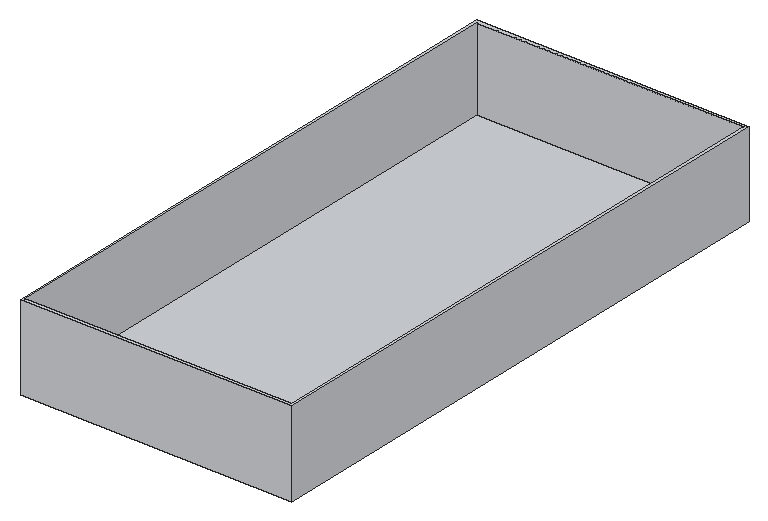
Revit family "Hager-Volta-IP30-Surface_mounted-vuoto-CH-it", category Electrical Equipment, host Face, Revit 2020
Family settings
  Host = Face
  Panel Configuration = Two Columns, Circuits Across
  Round Connector Dimension = Use Diameter
  Part Type = Panelboard
  Cut with Voids When Loaded = No
  Shared = No
  Room Calculation Point = No
Parameters (values of type "A parete IP30 L305 A640 P96.5 12 Unità di divisione - VA48MD")
  Width Control [instance] = if([HG000006 - Ad incasso], if([EF000846 - larghezza di montaggio] > min_whd, [EF000846 - larghezza di montaggio], min_whd), if([EF000008 - Larghezza] > min_whd, ([EF000008 - Larghezza]), min_whd))  # 305 mm
  Void Depth [instance] = if([HG000006 - Ad incasso], Depth Control, 1 mm)  # 1 mm
  Type Comments = [HG000003 - Gamma]  # "Volta"
  System Height [instance] = Height Control - 2 * [HG000005 - Spessore]  # 634 mm
  Model = [HG000004 - Codice produttore]  # "VA48MD"
  HG000017 - Distanza tra i poli = 18 mm
  HG000016 - Visibilità delle porte nella vista 3D [instance] = yes
  HG000015 - Visibilità attraverso la porta [instance] = no
  HG000014 - Porta destra [instance] = yes
  HG000013 - Porta sinistra [instance] = not([HG000014 - Porta destra])  # no
  HG000012 - Angolo di apertura della porta [instance] = 45.00°
  HG000011 - File vuote nella parte basse = no
  HG000010 - Porte asimmetriche = no
  HG000009 - Porta doppia a battente = no
  HG000008 - Numero di file vuote = 0
  HG000007 - Numero di colonne vuote = 0
  HG000006 - Ad incasso = no
  HG000005 - Spessore = 3 mm  # constant formula
  HG000004 - Codice produttore = "VA48MD"
  HG000003 - Gamma = "Volta"
  HG000002 - Con porta = no
  HG000001 - Numero di colonne = 0
  EF015941 - Segnale di passaggio porta = no
  EF015777 - Morsettiera neutra = no
  EF015776 - Morsettiera di terra = no
  EF009212 - esecuzione coperchio = "EV009916 - con taglio"
  EF006306 - con serratura = no
  EF006244 - coperchio/porta trasparente = no
  EF005474 - grado di protezione (IP) = "EV006410 - IP30"
  EF004462 - tipo di chiusura = ""
  EF002950 - Numero moduli DIN = 12
  EF001596 - Attacco Lampada = ""
  EF001134 - barra DIN = no
  EF001131 - profondità interna = 0 mm
  EF001088 - possibilità di applicazione = yes
  EF001062 - esecuzione EMC = no
  EF000846 - larghezza di montaggio = 0 mm
  EF000339 - tipo di copertura = "EV000494 - senza"
  EF000332 - Altezza della parte incassata = 0 mm
  EF000266 - numero di file = 0
  EF000218 - profondità di incasso = 0 mm
  EF000118 - con piastra di montaggio = yes
  EF000116 - numero RAL = "9010"
  EF000049 - profondità = 96 mm
  EF000040 - Altezza = 640 mm
  EF000008 - Larghezza = 305 mm
  EF000007 - colore = ""
  EF000003 - Tipo di montaggio = "EV000384 - A parete"
  Arrow Offset [instance] = Depth Control / 8  # 12 mm
  Arrow Height [instance] = Depth Control - Arrow Offset  # 84 mm
  Host Offset [instance] = if([HG000006 - Ad incasso], 0 mm, [EF000049 - profondità])  # 96 mm
  min_whd [instance] = (2 * [HG000005 - Spessore]) + 1 mm  # 7 mm
  Manufacturer = "Hager"  # constant formula
  Height Control [instance] = if([HG000006 - Ad incasso], if([EF000332 - Altezza della parte incassata] > min_whd, [EF000332 - Altezza della parte incassata], min_whd), if([EF000040 - Altezza] > min_whd, ([EF000040 - Altezza]), min_whd))  # 640 mm
  Flush Mounted - Door Frame Width [instance] = if(([EF000040 - Altezza] - [EF000332 - Altezza della parte incassata]) > 0 mm, if([HG000006 - Ad incasso], [EF000040 - Altezza] - [EF000332 - Altezza della parte incassata], 0 mm), 0 mm)  # 0 mm
  Depth Control [instance] = if([HG000006 - Ad incasso], if([EF000218 - profondità di incasso] > 0 mm, [EF000218 - profondità di incasso], 1 mm), if([EF000049 - profondità] > 0 mm, ([EF000049 - profondità]), 1 mm))  # 96 mm
  Default Elevation = 0 mm
Reference planes
  plane 1 "Center (Front/Back)": y = 0
  plane 2: z = 0
  plane 3 "Center (Left/Right)": x = 0
  plane 4: z = 96
  plane 5: y = 3
  plane 6: z = 91
  plane 7: y = 320
  plane 8: y = 0
  plane 9: y = 640
  plane 10: z = 0
  plane 11: x = -152.5
  plane 12: x = 152.5
  plane 13: x = 149.5
  plane 14: x = -149.5
  plane 15: y = 637
  plane 16: z = 3
  plane 17: z = 93
  plane 18: z = -1
  plane 19: z = 93
Forms (mm)
  Extrusion 1, solid
    sketch origin (-583.045, 0, 1219.2) x (-1, 0, 0) y (0, 0, 1)
      loop
        line (-430.545, -1123.2) -> (-735.545, -1123.2) -> (-735.545, -1219.2) -> (-430.545, -1219.2) -> (-430.545, -1123.2)
    from 0 to 640 <- "Height Control"
  Extrusion 2, void
    sketch origin (-381.607, -4572, 96) x (0, -1, 0) y (-1, 0, 0)
      loop
        line (-5209, -232.107) -> (-5209, -531.107) -> (-4575, -531.107) -> (-4575, -232.107) -> (-5209, -232.107)
    from 0 to 93
  Extrusion 3, void
    sketch origin (0, 0, 0) x (1, 0, 0) y (0, 1, 0)
      loop
        line (-152.5, 0) -> (152.5, 0) -> (152.5, 640) -> (-152.5, 640) -> (-152.5, 0)
    from -1 to 1
  Extrusion 4, solid, detail levels coarse+medium
    sketch origin (-381.607, -4572, 96) x (-1, 0, 0) y (0, -1, 0)
      loop
        line (-232.107, -5209) -> (-232.107, -4575) -> (-531.107, -4575) -> (-531.107, -5209) -> (-232.107, -5209)
    from 0 to -3
Cuts and joins
  Extrusion 2 cuts Extrusion 1
Dimensions and locks
  plane 4 to plane 6 = 5 mm
  "Host Offset": plane 4 to host face
  "Flush Mounted - Door Frame Width": plane 1 "Center (Front/Back)" to plane 8
  "HG000005 - Spessore": plane 5 to plane 8
  locked: connector elem to plane 3 "Center (Left/Right)"
  "Height Control": plane 9 to plane 8
  equal spacing: plane 9, plane 7, plane 8
  locked: connector elem to plane 7
  "Depth Control": plane 4 to plane 10
  "HG000005 - Spessore": plane 11 to plane 14
  "HG000005 - Spessore": plane 12 to plane 13
  equal spacing: plane 11, plane 3 "Center (Left/Right)", plane 12
  "Width Control": plane 11 to plane 12
  "Arrow Offset": nested 4 to plane 10
  "HG000005 - Spessore": plane 9 to plane 15
  "HG000005 - Spessore": plane 16 to plane 10
  "HG000005 - Spessore": plane 4 to plane 17
  "Void Depth": plane 2 to plane 18
  "HG000005 - Spessore": plane 4 to plane 19
  aligned and locked: plane 2 to host face
  aligned and locked: level to host face
  aligned and locked: plane 3 "Center (Left/Right)" to nested 2
  aligned and locked: plane 4 to nested 2
  aligned and locked: nested 2 to plane 8
  aligned and locked: nested 1 to plane 6
  aligned and locked: plane 5 to nested 1
  aligned and locked: nested 4 to plane 11
  aligned and locked: nested 3 to plane 4
  aligned and locked: Extrusion 1 sketch curve to plane 12
  aligned and locked: Extrusion 1 sketch curve to plane 11
  aligned and locked: nested 3 to plane 10
  aligned and locked: plane 10 to Extrusion 1 sketch curve
  aligned and locked: plane 5 to Extrusion 2 sketch curve
  aligned and locked: Extrusion 2 sketch curve to plane 15
  aligned and locked: Extrusion 2 sketch curve to plane 14
  aligned and locked: Extrusion 2 sketch curve to plane 13
  aligned and locked: plane 11 to Extrusion 3 sketch curve
  aligned and locked: plane 9 to Extrusion 3 sketch curve
  aligned and locked: Extrusion 3 sketch curve to plane 8
  aligned and locked: plane 12 to Extrusion 3 sketch curve
  aligned and locked: nested 3 to plane 12
  aligned and locked: Extrusion 3 to plane 18
  aligned and locked: Extrusion 2 to plane 16
  aligned and locked: Extrusion 1 sketch curve to plane 4
  aligned and locked: Extrusion 4 to plane 17
  aligned and locked: Extrusion 4 sketch curve to plane 15
  aligned and locked: Extrusion 4 sketch curve to plane 13
  aligned and locked: Extrusion 4 sketch curve to plane 14
  aligned and locked: plane 5 to Extrusion 4 sketch curve
Automatic sketch dimensions
  host sketch curve to host sketch curve = 1469.727 mm
  host sketch curve to host sketch curve = 1434.803 mm
Nested families
  nested 1: "Hager_Enclosure_System" at (0, 3, 91) x (1, 0, 0) z (0, 1, 0), Depth <- "HG000005 - Spessore", Height <- "System Height", Width <- "EF000008 - Larghezza", Border <- "HG000005 - Spessore", Flush_Mounted <- "HG000006 - Ad incasso", Built-in_Width <- "EF000846 - larghezza di montaggio", Row_Module_Multiplicator <- "EF002950 - Numero moduli DIN", Total_No_Empty_Rows <- "HG000008 - Numero di file vuote", Total_No_Rows <- "EF000266 - numero di file", Empty_Columns <- "HG000007 - Numero di colonne vuote", Width_Control <- "Width Control", Empty_Rows_From_Bottom <- "HG000011 - File vuote nella parte basse", Distance_Between_Poles <- "HG000017 - Distanza tra i poli", Rows_Count <- "EF000266 - numero di file", Columns_Count <- "HG000001 - Numero di colonne", type "Hager_Enclosure_System", detail levels fine
    with Width_Control 305 mm, Width 305 mm, Total_No_Rows 0, Total_No_Empty_Rows 0, Total_No_Columns 1, System_Width 299 mm, Rows_Count 0, Rows_Column 0, Row_Module_Multiplicator 12, Panel_4 no, Panel_3 no, Panel_2 no, Panel_1 no, No_Panels_Ctrl 1, Hide_Columns yes, Height 634 mm, Flush_Mounted no, Empty_Rows_From_Bottom no, Empty_Rows_Column 0, Empty_Columns 0, Distance_Between_Poles 18 mm, Depth 3 mm, Columns_Count 0, Column_Width 299 mm, Built-in_Width 0 mm, Border 3 mm
  nested 2: "Hager_Enclosure_Door" at (0, 0, 96) x (1, 0, 0) z (0, 1, 0), Border <- "HG000005 - Spessore", Door_Right <- "HG000014 - Porta destra", Flush_Mounted <- "HG000006 - Ad incasso", Depth <- "EF000049 - profondità", Width <- "EF000008 - Larghezza", Door_Left <- "HG000013 - Porta sinistra", 3d_Door <- "HG000016 - Visibilità delle porte nella vista 3D", BuiltIn_Width <- "EF000846 - larghezza di montaggio", BuiltIn_Height <- "EF000332 - Altezza della parte incassata", BuiltIn_Depth <- "EF000218 - profondità di incasso", Angle <- "HG000012 - Angolo di apertura della porta", Assymetrical <- "HG000010 - Porte asimmetriche", Double <- "HG000009 - Porta doppia a battente", Clearance <- "HG000015 - Visibilità attraverso la porta", Transparent <- "EF006244 - coperchio/porta trasparente", Door <- "HG000002 - Con porta", Height_Ctrl <- "Height Control", Width_Ctrl <- "Width Control", Height <- "EF000040 - Altezza", type "Hager_Enclosure_Door", detail levels medium+fine
    with min_wh 7 mm, Width_Ctrl 305 mm, Width 305 mm, Transparent_Door_No_Bottom_Border no, Transparent no, Leaf_Width 296 mm, Leaf_Tolerance 1.5 mm, Leaf_Height 631 mm, Leaf_2_Width 296 mm, Leaf_2_Offset 148 mm, Leaf_1_Width 296 mm, Leaf_1_Offset 148 mm, Height_Ctrl 640 mm, Height 640 mm, Frame_Width_Ctrl 305 mm, Frame_Width 305 mm, Frame_Internal_Offset 0 mm, Frame_Height_Ctrl 640 mm, Frame_Height 640 mm, Frame_Depth_Ctrl 1 mm, Frame_Depth 0 mm, Flush_Mounted no, Double_Clearance_Ctrl no, Double no, Door_Right_Ctrl no, Door_Right yes, Door_Left_Ctrl no, Door_Left no, Door no, Depth 96 mm, Clearance_Depth 296 mm, Clearance_Ctrl no, Clearance no, BuiltIn_Width 0 mm, BuiltIn_Height 0 mm, BuiltIn_Depth 0 mm, Border 3 mm, Assymetrical no, Angle 45.00°, 3d_Door yes
  nested 3: "Hager_Enclosure_Symbol_Triangle" at (-152.5, 0, 0) x (1, 0, 0) z (0, -1, 0), Depth <- "Depth Control", Width <- "Width Control", type "Hager_Enclosure_Symbol_Triangle"
    with Width_Ctrl 305 mm, Width 305 mm, Depth_Ctrl 96 mm, Depth 96 mm
  nested 4: "Hager_Enclosure_Symbol_Arrow" at (-152.5, 0, 12) x (1, 0, 0) z (0, -1, 0), Height <- "Arrow Height", type "Hager_Enclosure_Symbol_Arrow"
    with Width_Inside 6.3 mm, Width 75.6 mm, Height_Ctrl 84 mm, Height 84 mm
Connectors
  electrical at (0, 320, 0)
    settings: on plane 10, index 1, voltage 0 V, apparent load 0 VA, apparent load phase1 0 VA, apparent load phase2 0 VA, apparent load phase3 0 VA, power factor 1, load classification "Other", number of poles 1, system type 30, power factor state 1, is connector primary yes, connector utility no, sub classification motor no, connector description ""
Definition of nested family "Hager_Enclosure_Door"
  Parameters (values of type "Hager_Enclosure_Door")
    min_wh [instance] = (2 * Border) + 1 mm  # 11 mm
    Width_Ctrl [instance] = 400 mm
    Width [instance] = 500 mm
    Transparent_Door_No_Bottom_Border [instance] = no
    Transparent [instance] = yes
    Leaf_Width [instance] = if((Width_Ctrl - 2 * Border - 2 * Leaf_Tolerance) > 0 mm, (Width_Ctrl - 2 * Border - 2 * Leaf_Tolerance), min_wh)  # 387 mm
    Leaf_Tolerance [instance] = 1.5 mm  # constant formula
    Leaf_Height [instance] = if((Height_Ctrl - 2 * Border - 2 * Leaf_Tolerance) > 0 mm, (Height_Ctrl - 2 * Border - 2 * Leaf_Tolerance), min_wh)  # 387 mm
    Leaf_2_Width [instance] = if(and(and(Double, Assymetrical), Door_Left), (Leaf_Width / 3) - (Leaf_Tolerance / 2), if(and(and(Double, Assymetrical), Door_Right), (Leaf_Width / 3) * 2 - (Leaf_Tolerance / 2), if(and(Double, not(Assymetrical)), (Leaf_Width / 2) - Leaf_Tolerance, Leaf_Width)))  # 387 mm
    Leaf_2_Offset [instance] = if(and(Double, Assymetrical), Leaf_2_Width / 2, if(and(Double, not(Assymetrical)), Leaf_Width / 4, Leaf_Width / 2))  # 193.5 mm
    Leaf_1_Width [instance] = if(and(and(Double, Assymetrical), Door_Right), (Leaf_Width / 3) - (Leaf_Tolerance / 2), if(and(and(Double, Assymetrical), Door_Left), (Width / 3) * 2 - (Leaf_Tolerance / 2), if(and(Double, not(Assymetrical)), (Leaf_Width / 2) - Leaf_Tolerance, Leaf_Width)))  # 387 mm
    Leaf_1_Offset [instance] = if(and(Double, Assymetrical), Leaf_1_Width / 2, if(and(Double, not(Assymetrical)), Leaf_Width / 4, Leaf_Width / 2))  # 193.5 mm
    Height_Ctrl [instance] = 400 mm
    Height [instance] = 500 mm
    Frame_Width_Ctrl [instance] = if(Frame_Width > 0 mm, Frame_Width, 1 mm)  # 1 mm
    Frame_Width [instance] = Width - BuiltIn_Width  # 0 mm
    Frame_Internal_Offset [instance] = if(Flush_Mounted, Border, 0 mm)  # 5 mm
    Frame_Height_Ctrl [instance] = if(Frame_Height > 0 mm, Frame_Height, 1 mm)  # 1 mm
    Frame_Height [instance] = Height - BuiltIn_Height  # 0 mm
    Frame_Depth_Ctrl [instance] = if(Frame_Depth > 0 mm, Frame_Depth, 1 mm)  # 1 mm
    Frame_Depth [instance] = if(Depth - BuiltIn_Depth > 0 mm, if(Flush_Mounted, Depth - BuiltIn_Depth, 0 mm), 0 mm)  # 0 mm
    Flush_Mounted [instance] = yes
    Double_Clearance_Ctrl [instance] = and(Double, Clearance)  # no
    Double [instance] = no
    Door_Right_Ctrl [instance] = and(or(Door_Right, Double), Door)  # yes
    Door_Right [instance] = yes
    Door_Left_Ctrl [instance] = and(or(Door_Left, Double), Door)  # no
    Door_Left [instance] = no
    Door [instance] = yes
    Depth [instance] = 500 mm
    Default Elevation = 1219.2 mm
    Clearance_Material = none
    Clearance_Depth [instance] = if(Leaf_1_Width > Leaf_2_Width, Leaf_1_Width, Leaf_2_Width)  # 387 mm
    Clearance_Ctrl [instance] = and(not(Double), Clearance)  # yes
    Clearance [instance] = yes
    BuiltIn_Width [instance] = 500 mm
    BuiltIn_Height [instance] = 500 mm
    BuiltIn_Depth [instance] = 500 mm
    Border [instance] = 5 mm
    Assymetrical [instance] = yes
    Angle [instance] = 30.00°
    3d_Door [instance] = yes
  Reference planes
    plane 1 "Center (Front/Back)": y = 0
    plane 2 "Bottom": z = 0
    plane 3 "Center (Left/Right)": x = 0
    plane 4: z = 400
    plane 5: x = -200
    plane 6: x = 200
    plane 7: z = 395
    plane 8: x = -195
    plane 9: z = 5
    plane 10: x = 195
    plane 11: y = 0
    plane 12: z = 6.5
    plane 13: x = -582
    plane 14: y = -387
    plane 15: x = 582
    plane 16: x = 0
    plane 17: x = 0
    plane 18: x = -193.5
    plane 19: x = 193.5
    plane 20: z = 393.5
  Forms (mm)
    Extrusion 1, solid, visible <- "Flush_Mounted"
      sketch origin (0, 0, 0) x (1, 0, 0) y (0, 0, 1)
        loop
          line (195, 5) -> (195, 395) -> (-195, 395) -> (-195, 5) -> (195, 5)
        loop
          line (-201, 401) -> (-201, -1) -> (201, -1) -> (201, 401) -> (-201, 401)
      from 0 to 1 <- "Frame_Depth_Ctrl"
    Extrusion 2, solid, material <- "Clearance_Material", visible <- "Double_Clearance_Ctrl"
      sketch origin (1200, 0, 0) x (1, 0, 0) y (0, 0, -1)
        loop
          line (-1782, -393.5) -> (-618, -393.5) -> (-618, 0) -> (-1782, 0) -> (-1782, -393.5)
      from 0 to -387
  Dimensions and locks
    equal spacing: plane 5, plane 3 "Center (Left/Right)", plane 6
    "Width_Ctrl": plane 5 to plane 6
    "Border": plane 5 to plane 8
    "Border": plane 6 to plane 10
    "Border": plane 9 to level
    "Border": plane 4 to plane 7
    "Height_Ctrl": plane 4 to level
    "Leaf_Tolerance": plane 12 to plane 9
    "Frame_Depth": plane 11 to plane 1 "Center (Front/Back)"
    "Frame_Width_Ctrl": plane 5 to Extrusion 1 sketch curve
    "Frame_Width_Ctrl": plane 6 to Extrusion 1 sketch curve
    "Frame_Width_Ctrl": Extrusion 1 sketch curve to plane 4
    "Frame_Width_Ctrl": plane 2 "Bottom" to Extrusion 1 sketch curve
    "Leaf_1_Offset": plane 18 to plane 16
    "Leaf_2_Offset": plane 17 to plane 19
    "Leaf_1_Width": plane 13 to plane 8
    "Leaf_2_Width": plane 10 to plane 15
    "Clearance_Depth": plane 14 to plane 1 "Center (Front/Back)"
    "Leaf_Tolerance": plane 8 to plane 18
    "Leaf_Tolerance": plane 19 to plane 10
    "Leaf_Tolerance": plane 7 to plane 20
    "Frame_Internal_Offset": plane 5 to Extrusion 1 sketch curve
    "Frame_Internal_Offset": Extrusion 1 sketch curve to plane 2 "Bottom"
    "Frame_Internal_Offset": plane 6 to Extrusion 1 sketch curve
    "Frame_Internal_Offset": plane 4 to Extrusion 1 sketch curve
    aligned and locked: level to plane 2 "Bottom"
    aligned and locked: nested 1 to plane 16
    aligned and locked: nested 2 to plane 17
    aligned and locked: Extrusion 2 to plane 13
    aligned and locked: plane 15 to Extrusion 2
    aligned and locked: Extrusion 2 to plane 14
    aligned and locked: plane 12 to nested 1
    aligned and locked: nested 2 to plane 12
    aligned and locked: Extrusion 2 to plane 11
    aligned and locked: plane 20 to Extrusion 2
    aligned and locked: nested 2 to plane 11
    aligned and locked: nested 1 to plane 11
  Automatic sketch dimensions
    Extrusion 2 sketch curve to level = 0 mm
    plane 5 to Extrusion 2 sketch curve = 382 mm
    plane 6 to Extrusion 2 sketch curve = 382 mm
    Extrusion 2 sketch curve to plane 4 = 6.5 mm
  Nested families
    nested 1: "Hager_Enclosure_Door_Leaf" at (0, 0, 6.5), Width <- "Leaf_1_Width", visible <- "Door_Left_Ctrl", Leaf_Height <- "Leaf_Height", Angle <- "Angle", Depth <- "Border", 3d_Door <- "3d_Door", Transparent <- "Transparent", Clearance Material <- "Clearance_Material", Clearance <- "Clearance_Ctrl", Transparent_Door_No_Bottom_Border <- "Transparent_Door_No_Bottom_Border", type "Hager_Enclosure_Door_Leaf"
      with Width 387 mm, Transparent_Door_No_Bottom_Border no, Transparent_Door_Border_Bottom_Top 25 mm, Transparent_Door_Border 25 mm, Transparent_Ctrl yes, Transparent yes, Standard no, Leaf_Height 387 mm, Glass_Offset 1 mm, Depth 5 mm, Clearance Material none, Clearance yes, Angle_Ctrl 30.00°, Angle 30.00°, 3d_Door yes
    nested 2: "Hager_Enclosure_Door_Leaf" at (0, 0, 6.5) x (-1, 0, 0) z (0, 0, 1), Width <- "Leaf_2_Width", visible <- "Door_Right_Ctrl", Leaf_Height <- "Leaf_Height", Angle <- "Angle", Depth <- "Border", 3d_Door <- "3d_Door", Transparent <- "Transparent", Clearance Material <- "Clearance_Material", Clearance <- "Clearance_Ctrl", Transparent_Door_No_Bottom_Border <- "Transparent_Door_No_Bottom_Border", type "Hager_Enclosure_Door_Leaf"
      with Width 387 mm, Transparent_Door_No_Bottom_Border no, Transparent_Door_Border_Bottom_Top 25 mm, Transparent_Door_Border 25 mm, Transparent_Ctrl yes, Transparent yes, Standard no, Leaf_Height 387 mm, Glass_Offset 1 mm, Depth 5 mm, Clearance Material none, Clearance yes, Angle_Ctrl 30.00°, Angle 30.00°, 3d_Door yes
  Definition of nested family "Hager_Enclosure_Door_Leaf"
    Parameters (values of type "Hager_Enclosure_Door_Leaf")
      Width [instance] = 2000 mm
      Transparent_Door_No_Bottom_Border [instance] = yes
      Transparent_Door_Border_Bottom_Top [instance] = if(Transparent_Door_No_Bottom_Border, 0.1 mm, Transparent_Door_Border)  # 0.1 mm
      Transparent_Door_Border [instance] = if(Transparent_Door_No_Bottom_Border, (Width * 0.12), 25 mm)  # 240 mm
      Transparent_Ctrl [instance] = and(Transparent, [3d_Door])  # yes
      Transparent [instance] = yes
      Standard [instance] = and(not(Transparent), [3d_Door])  # no
      Leaf_Height [instance] = 2720.336 mm
      Glass_Offset [instance] = if((Depth - 10 mm) / 2 > 0 mm, (Depth - 10 mm) / 2, 1 mm)  # 15 mm
      Glass_Material = none
      Depth [instance] = 40 mm
      Default Elevation = 0 mm
      Clearance Material [instance] = none
      Clearance [instance] = yes
      Angle_Ctrl [instance] = if(Angle > 170.00°, 170.00°, Angle)  # 45.00°
      Angle [instance] = 45.00°
      3d_Door [instance] = yes
    Reference planes
      plane 1 "Center (Front/Back)": y = 0
      plane 2: z = 0
      plane 3 "Center (Left/Right)": x = 0
      plane 4: y = 2000
      plane 5: x = -1000
      plane 6: x = 1000
      plane 7: x = -3000
      plane 8: z = 2720.336
      plane 9: z = 0.1
      plane 10: z = 2720.236
      plane 11: x = 760
      plane 12: x = -760
    Forms (mm)
      Extrusion 1, solid, material <- "Clearance Material", visible <- "Clearance"
        sketch origin (0, 0, 0) x (1, 0, 0) y (0, 0, 1)
          loop
            line (-3000, 2720.336) -> (-3000, 0) -> (1000, 0) -> (1000, 2720.336) -> (-3000, 2720.336)
        from 0 to -2000
      Extrusion 2, solid, visible <- "Standard", detail levels medium+fine
        sketch origin (-1000, 0, 0) x (0.707107, 0.707107, 0) y (-0.707107, 0.707107, 0)
          loop
            line (0, -40) -> (2000, -40) -> (2000, 0) -> (0, 0) -> (0, -40)
        from 0 to 2720.336 <- "Leaf_Height"
      Extrusion 3, solid, visible <- "Transparent_Ctrl", detail levels medium+fine
        sketch origin (-1000, 0, 0) x (0.707107, 0.707107, 0) y (-0.707107, 0.707107, 0)
          loop
            line (0, -40) -> (2000, -40) -> (2000, 0) -> (0, 0) -> (0, -40)
        from 0 to 2720.336 <- "Leaf_Height"
      Extrusion 4, void, detail levels medium+fine
        sketch origin (-1000, 0, 0) x (-0.707107, 0.707107, 0) y (0.707107, 0.707107, 0)
          loop
            line (0, 240) -> (0, 1760) -> (-40, 1760) -> (-40, 240) -> (0, 240)
        from -2720.236 to -0.1
      Extrusion 5, solid, material <- "Glass_Material", visible <- "Transparent_Ctrl", detail levels medium+fine
        sketch origin (-1000, 0, 0) x (0.707107, 0.707107, 0) y (-0.707107, 0.707107, 0)
          loop
            line (240, -15) -> (240, -25) -> (1760, -25) -> (1760, -15) -> (240, -15)
        from 0.1 to 2720.236
    Cuts and joins
      Extrusion 4 cuts Extrusion 3
    Lines and regions (mm)
      symbolic lines
        curve 1: line (1000, 0, 0) -> (-3000, 0, 0)
        curve 2: arc (1000, 0, 0) -> (-1000, 2000, 0) -> (-3000, 0, 0) r 2000
        curve 4: line (-1000, 0, 0) -> (414.214, 1414.214, 0)
      reference lines
        curve 3: line (-1000, 0, 0) -> (414.214, 1414.214, 0)
      symbolic lines, detail levels medium+fine
        curve 5: line (414.214, 1414.214, 0) -> (442.498, 1385.929, 0)
        curve 6: line (442.498, 1385.929, 0) -> (-971.716, -28.284, 0)
        curve 7: line (-971.716, -28.284, 0) -> (-1000, 0, 0)
        curve 8: line (-1000, 0, 2720.336) -> (1000, 0, 2720.336)
        curve 9: line (-1000, 0, 0) -> (-1000, 0, 2720.336)
        curve 10: line (1000, 0, 0) -> (-1000, 0, 0)
        curve 11: line (1000, 0, 2720.336) -> (1000, 0, 0)
      symbolic lines, visible <- "Transparent_Ctrl", detail levels medium+fine
        curve 12: line (-760, 0, 2720.236) -> (760, 0, 2720.236)
        curve 13: line (-760, 0, 0.1) -> (-760, 0, 2720.236)
        curve 14: line (760, 0, 0.1) -> (-760, 0, 0.1)
        curve 15: line (760, 0, 2720.236) -> (760, 0, 0.1)
    Dimensions and locks
      "Width": plane 1 "Center (Front/Back)" to plane 4
      equal spacing: plane 5, plane 3 "Center (Left/Right)", plane 6
      "Width": plane 5 to plane 6
      "Width": plane 7 to plane 5
      "Leaf_Height": plane 8 to level
      "Depth": curve 6 to curve 3
      "Width": curve 5 to curve 3
      "Width": curve 3 to curve 3
      "Transparent_Door_Border": Extrusion 4 sketch curve to curve 7
      "Transparent_Door_Border": Extrusion 4 sketch curve to curve 5
      "Transparent_Door_Border_Bottom_Top": plane 8 to plane 10
      "Transparent_Door_Border_Bottom_Top": plane 9 to level
      "Glass_Offset": Extrusion 5 sketch curve to curve 4
      "Glass_Offset": Extrusion 5 sketch curve to curve 6
      "Transparent_Door_Border": Extrusion 5 sketch curve to curve 5
      "Transparent_Door_Border": Extrusion 5 sketch curve to curve 7
      "Transparent_Door_Border": plane 12 to plane 5
      "Transparent_Door_Border": plane 6 to plane 11
      "Angle_Ctrl": angle plane 1 "Center (Front/Back)" to curve 3
      aligned and locked: level to plane 2
      aligned and locked: Extrusion 1 to curve 1
      aligned and locked: plane 6 to Extrusion 1
      aligned and locked: Extrusion 1 to plane 1 "Center (Front/Back)"
      aligned and locked: plane 4 to Extrusion 1
      aligned and locked: plane 8 to Extrusion 1
      aligned and locked: curve 4 to curve 3
      aligned and locked: Extrusion 2 sketch curve to curve 7
      aligned and locked: Extrusion 2 sketch curve to curve 6
      aligned and locked: Extrusion 2 sketch curve to curve 5
      aligned and locked: Extrusion 2 sketch curve to curve 3
      aligned and locked: curve 7 to Extrusion 3 sketch curve
      aligned and locked: Extrusion 3 sketch curve to curve 4
      aligned and locked: Extrusion 3 sketch curve to curve 6
      aligned and locked: Extrusion 3 sketch curve to curve 5
      aligned and locked: curve 4 to Extrusion 4 sketch curve
      aligned and locked: curve 6 to Extrusion 4 sketch curve
      aligned and locked: Extrusion 4 to plane 9
      aligned and locked: Extrusion 4 to plane 10
      aligned and locked: Extrusion 5 to plane 9
      aligned and locked: Extrusion 5 to plane 10
      aligned and locked: curve 8 to plane 8
      aligned and locked: plane 5 to curve 9
      aligned and locked: plane 2 to curve 10
      aligned and locked: curve 11 to plane 6
      aligned and locked: plane 10 to curve 12
      aligned and locked: plane 12 to curve 13
      aligned and locked: curve 14 to plane 9
      aligned and locked: plane 11 to curve 15
    Automatic sketch dimensions
      plane 1 "Center (Front/Back)" to curve 2 = 0 mm
      curve 2 to plane 5 = 0 mm
      Extrusion 1 sketch curve to level = 0 mm
      Extrusion 1 sketch curve to plane 7 = 0 mm
      Extrusion 1 sketch curve to plane 6 = 0 mm
      Extrusion 1 sketch curve to plane 8 = 0 mm
      plane 1 "Center (Front/Back)" to curve 3 = 0 mm
      curve 3 to plane 5 = 0 mm
      curve 7 to curve 3 = 0 mm
Definition of nested family "Hager_Enclosure_Symbol_Triangle"
  Parameters (values of type "Hager_Enclosure_Symbol_Triangle")
    Width_Ctrl [instance] = if(Width > 1 mm, Width, 1 mm)  # 498 mm
    Width [instance] = 498 mm
    Depth_Ctrl [instance] = if(Depth > 1 mm, Depth, 1 mm)  # 72 mm
    Depth [instance] = 72 mm
  Reference planes
    plane 1 "Centre (avant/arrière)": y = 0
    plane 2: z = 0
    plane 3 "Centre (gauche/droite)": x = 0
  Lines and regions (mm)
    Filled region 1, type "Solid_Black", in view "Niveau de réf."
      outline origin (0, 0, 0) x (1, 0, 0) y (0, 1, 0)
        loop
          line (0, 0) -> (498, 0) -> (498, 72) -> (0, 0)
    reference lines, in view "Niveau de réf."
      curve 1: line (-206.153, 72, 0) -> (1083.258, 72, 0)
      curve 2: line (498, 405.456, 0) -> (498, -517.619, 0)
  Dimensions and locks
    "Depth_Ctrl": plane 1 "Centre (avant/arrière)" to curve 1
    "Width_Ctrl": plane 3 "Centre (gauche/droite)" to curve 2
    aligned and locked: curve 1 to Filled region 1 sketch curve
    aligned and locked: Filled region 1 sketch curve to plane 1 "Centre (avant/arrière)"
    aligned and locked: curve 2 to Filled region 1 sketch curve
    aligned and locked: plane 3 "Centre (gauche/droite)" to Filled region 1 sketch curve
    aligned and locked: plane 1 "Centre (avant/arrière)" to Filled region 1 sketch curve
  Automatic sketch dimensions
    curve 1 to plane 3 "Centre (gauche/droite)" = 206.153 mm
    curve 2 to curve 1 = 585.258 mm
    plane 1 "Centre (avant/arrière)" to curve 2 = 517.619 mm
    curve 2 to plane 1 "Centre (avant/arrière)" = 405.456 mm
Definition of nested family "Hager_Enclosure_Symbol_Arrow"
  Parameters (values of type "Hager_Enclosure_Symbol_Arrow")
    Width_Inside [instance] = if(Width / 12 > 2 mm, Width / 12, 2 mm)  # 4.987 mm
    Width [instance] = if(Height_Ctrl * 0.9 > 2 mm, Height_Ctrl * 0.9, 2 mm)  # 59.85 mm
    Height_Ctrl [instance] = if(Height > 2 mm, Height, 2 mm)  # 66.5 mm
    Height [instance] = 66.5 mm
  Reference planes
    plane 1 "Centre (avant/arrière)": y = 0
    plane 2: z = 0
    plane 3 "Centre (gauche/droite)": x = 0
    plane 4: x = 59.85
    plane 5: y = 28.263
    plane 6: y = 38.238
    plane 7: y = 66.5
    plane 8: x = 29.925
    plane 9: y = 33.25
  Lines and regions (mm)
    Filled region 1, type "Solid_Black", in view "Niveau de réf."
      outline origin (0, 0, 0) x (1, 0, 0) y (0, 1, 0)
        loop
          line (59.85, 66.5) -> (37.929, 52.827) -> (51.846, 41.935) -> (59.85, 66.5)
    detail lines, in view "Niveau de réf."
      curve 1: line (0, 0, 0) -> (29.925, 38.238, 0)
      curve 2: line (29.925, 38.238, 0) -> (29.925, 28.263, 0)
      curve 3: line (29.925, 28.263, 0) -> (59.85, 66.5, 0)
  Dimensions and locks
    "Width": plane 3 "Centre (gauche/droite)" to plane 4
    "Height_Ctrl": plane 7 to plane 1 "Centre (avant/arrière)"
    equal spacing: plane 3 "Centre (gauche/droite)", plane 8, plane 4
    equal spacing: plane 7, plane 9, plane 1 "Centre (avant/arrière)"
    equal spacing: plane 6, plane 9, plane 5
    "Width_Inside": plane 6 to plane 9
    equal spacing: curve 3, Filled region 1 sketch curve, Filled region 1 sketch curve
    angle Filled region 1 sketch curve to curve 3 = 20.00°
    angle curve 3 to Filled region 1 sketch curve = 20.00°
    locked: curve 3 to Filled region 1 sketch curve (angle 90.00°)
  Automatic sketch dimensions
    plane 1 "Centre (avant/arrière)" to curve 1 = 0 mm
    curve 1 to plane 3 "Centre (gauche/droite)" = 0 mm
    curve 2 to plane 6 = 0 mm
    curve 3 to plane 8 = 0 mm
    curve 3 to plane 4 = 0 mm
    curve 2 to plane 5 = 0 mm
    curve 3 to plane 7 = 0 mm
    Filled region 1 sketch curve to plane 4 = 0 mm
    Filled region 1 sketch curve to plane 7 = 0 mm
